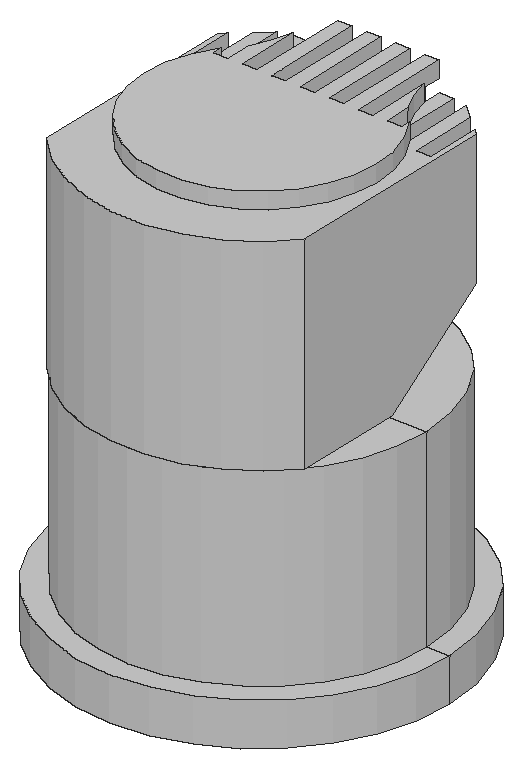
Revit family "LBLE1_SERIE IRON LEGO 01", category Luminarias, Revit 2019
Family settings
  Cota de conector redondo = Diámetro de uso
  Tipo de pieza = Normal
  Se basa en plano de trabajo = Sí
  Siempre vertical = Sí
  Corte con vacíos al cargar = No
  Origen de luz = Sí
  Compartido = No
  Punto de cálculo de habitación = No
Parameters (values of type "IRON LEGO 01_LBLE1 W7W24BCNY2RG")
  Ángulo de inclinación = 60.00°
  Ángulo de enfoque = 24.00°
  Ángulo de campo de foco = 24.00°
  Zone [instance] = ""
  Watt per fixture = 7
  Wattage = 7 W
  built-in parameter 1150107 = 3000 (stored number, unit not read)
  built-in parameter 1150110 = 1 (stored number, unit not read)
  built-in parameter 1150109 = 1 (stored number, unit not read)
  built-in parameter 1150112 = 1 (stored number, unit not read)
  built-in parameter 1150113 = 1 (stored number, unit not read)
  built-in parameter 1114218 = 1 (stored number, unit not read)
  Keynote = ""
  built-in parameter 1150137 = (empty or 0)
  built-in parameter 1150132 = (empty or 0)
  Modelo = "LBLE1 W7W24BCNY2RG"
  Lámpara = "Osram"
  Light Source Symbol Length = 3048 mm
  built-in parameter 1150105 = 6854 (stored number, unit not read)
  built-in parameter 1150102 = (empty or 0)
  built-in parameter 1150106 = 68.54 (stored number, unit not read)
  Lumens = 679.7 lm
  Color Filter = 16777215
  built-in parameter 1114217 = 1 (stored number, unit not read)
  built-in parameter 1150139 = (empty or 0)
  Fabricante = "BRILLANT"
  Default Elevation = 1219.2 mm
  built-in parameter 1150104 = 9.0209 (stored number, unit not read)
  Descripción = "LUMINARIA TIPO CIRCULAR CON UN CORTE EXTERNO DE 55MM DE DIAMETRO , PARA EMPOTRAR EN TECHO CON INSTALACION ESTANDAR CON 65MM DE DIAMETRO POR 75MM DE HOUSING, CUERPO Y ANILLO EN COLOR BLANCO , IP 20 USO PARA INTERIORES, CUENTA CON 1 LED TIPO OSRAM CON UNA POTENCIA TOTAL DE 7W, A UNA TEMPERATURA EN BLANCO CALIDO 3000K, IRC 90, APERTURA A 24 GRADOS, CON LENTE PARA UNA LUZ SUAVE, ALIMENTADA A 100-240V."
  built-in parameter 1150115 = 1 (stored number, unit not read)
  built-in parameter 1150114 = 1 (stored number, unit not read)
  Comentarios de vataje = "100-240V"
  built-in parameter 1150138 = (empty or 0)
  built-in parameter 1150134 = (empty or 0)
  Circuit [instance] = ""
  Dimming Lamp Color Temperature Shift = (empty or 0)
  Longitud de símbolo de origen de luz = 3048 mm
Reference planes
  plane 1 "Centro (Frontal/Posterior)": y = 0
  plane 2: z = 0
  plane 3 "Centro (Izquierda/Derecha)": x = 0
Forms (mm)
  Revolve 1, solid, material "Acero Inoxidable"
    sketch origin (0, 0, 0) x (1, 0, 0) y (0, 0, 1)
      loop
        line (-32.5, 3.721) -> (-32.5, -3.721) -> (-30.844, -3.721) -> (-15.873, 11.25) -> (0, 11.25) -> (0, 37.015) -> (-28.598, 37.015) -> (-28.598, 3.721) -> (-32.5, 3.721)
      axis (0, -3.721) -> (0, 37.015)
    angle from 0 to 360
  Extrusion 2, solid, material "Acero Inoxidable"
    sketch origin (0, 0, 0) x (1, 0, 0) y (0, 1, 0)
      loop
        arc (-22.205, -18.281) -> (0, -28.718) -> (22.205, -18.281) r 28.838
        line (22.205, -18.281) -> (22.205, 18.52) -> (15.569, 24.393) -> (-15.569, 24.393) -> (-22.205, 18.52) -> (-22.205, -18.281)
    from 37.015 to 72.467
  Extrusion 3, void
    sketch origin (0, -6.25, 0) x (1, 0, 0) y (0, 1, 0)
      loop
        line (-21.273, 41.327) -> (-21.273, 16.327) -> (-18.727, 16.327) -> (-18.727, 41.327) -> (-21.273, 41.327)
      loop
        line (-16.273, 41.327) -> (-16.273, 16.327) -> (-13.727, 16.327) -> (-13.727, 41.327) -> (-16.273, 41.327)
      loop
        line (-11.273, 41.327) -> (-11.273, 16.327) -> (-8.727, 16.327) -> (-8.727, 41.327) -> (-11.273, 41.327)
      loop
        line (-6.273, 41.327) -> (-6.273, 16.327) -> (-3.727, 16.327) -> (-3.727, 41.327) -> (-6.273, 41.327)
      loop
        line (-1.273, 41.327) -> (-1.273, 16.327) -> (1.273, 16.327) -> (1.273, 41.327) -> (-1.273, 41.327)
      loop
        line (21.273, 41.327) -> (18.727, 41.327) -> (18.727, 16.327) -> (21.273, 16.327) -> (21.273, 41.327)
      loop
        line (16.273, 41.327) -> (13.727, 41.327) -> (13.727, 16.327) -> (16.273, 16.327) -> (16.273, 41.327)
      loop
        line (11.273, 41.327) -> (8.727, 41.327) -> (8.727, 16.327) -> (11.273, 16.327) -> (11.273, 41.327)
      loop
        line (6.273, 41.327) -> (3.727, 41.327) -> (3.727, 16.327) -> (6.273, 16.327) -> (6.273, 41.327)
    from 65.724 to 84.533
  Extrusion 4, solid, material "Acero Inoxidable"
    sketch origin (0, 0, 0) x (1, 0, 0) y (0, 1, 0)
      loop
        arc (-13.727, 14.545) -> (0, -20) -> (13.727, 14.545) r 20
        arc (13.727, 14.545) -> (11.323, 20.79) -> (10.954, 27.471) r 21.499
        line (10.954, 27.471) -> (-10.954, 27.471)
        arc (-10.954, 27.471) -> (-11.323, 20.79) -> (-13.727, 14.545) r 21.499
    from 72.467 to 75.294
  Extrusion 5, void
    sketch origin (0, -10.625, -14.805) x (0, 1, 0) y (0, 0, 1)
      loop
        line (46.026, 75.747) -> (11.026, 51.82) -> (46.026, 51.82) -> (46.026, 75.747)
    from -37.804 to 37.804
  Extrusion 6, solid, material "Acero Inoxidable"
    sketch origin (0, 0, 0) x (1, 0, 0) y (0, 1, 0)
      loop
        line (-18.159, 10.13) -> (-18.159, 1.026) -> (18.159, 1.026) -> (18.159, 10.13)
        arc (18.159, 10.13) -> (0, 21.026) -> (-18.159, 10.13) r 20.581
    from 37.015 to 65.724
  Revolve 7, solid, material "Acero Inoxidable", not visible
    sketch origin (0, 0, 0) x (1, 0, 0) y (0, 0, 1)
      loop
        line (-53, 3.693) -> (-53, -3.75) -> (-51.344, -3.75) -> (-36.344, 11.25) -> (0, 11.25) -> (0, 51.82) -> (-49.098, 51.82) -> (-49.098, 3.693) -> (-53, 3.693)
      axis (0, -3.75) -> (0, 51.82)
    angle from 0 to 360
  Extrusion 8, solid, material "Acero Inoxidable", not visible
    sketch origin (0, 0, 0) x (1, 0, 0) y (0, 1, 0)
      loop
        arc (-37.804, -31.327) -> (0, -49.098) -> (37.804, -31.327) r 49.098
        line (37.804, -31.327) -> (37.804, 31.327) -> (26.507, 41.327) -> (-26.507, 41.327) -> (-37.804, 31.327) -> (-37.804, -31.327)
    from 51.82 to 108.492
  Extrusion 9, void, not visible
    sketch origin (0, 0, 0) x (1, 0, 0) y (0, 1, 0)
      loop
        line (-21.273, 41.327) -> (-21.273, 16.327) -> (-18.727, 16.327) -> (-18.727, 41.327) -> (-21.273, 41.327)
      loop
        line (-16.273, 41.327) -> (-16.273, 16.327) -> (-13.727, 16.327) -> (-13.727, 41.327) -> (-16.273, 41.327)
      loop
        line (-11.273, 41.327) -> (-11.273, 16.327) -> (-8.727, 16.327) -> (-8.727, 41.327) -> (-11.273, 41.327)
      loop
        line (-6.273, 41.327) -> (-6.273, 16.327) -> (-3.727, 16.327) -> (-3.727, 41.327) -> (-6.273, 41.327)
      loop
        line (-1.273, 41.327) -> (-1.273, 16.327) -> (1.273, 16.327) -> (1.273, 41.327) -> (-1.273, 41.327)
      loop
        line (21.273, 41.327) -> (18.727, 41.327) -> (18.727, 16.327) -> (21.273, 16.327) -> (21.273, 41.327)
      loop
        line (16.273, 41.327) -> (13.727, 41.327) -> (13.727, 16.327) -> (16.273, 16.327) -> (16.273, 41.327)
      loop
        line (11.273, 41.327) -> (8.727, 41.327) -> (8.727, 16.327) -> (11.273, 16.327) -> (11.273, 41.327)
      loop
        line (6.273, 41.327) -> (3.727, 41.327) -> (3.727, 16.327) -> (6.273, 16.327) -> (6.273, 41.327)
    from 51.82 to 114.316
  Extrusion 10, solid, material "Acero Inoxidable", not visible
    sketch origin (0, 0, 0) x (1, 0, 0) y (0, 1, 0)
      loop
        arc (-27.655, 25.776) -> (0, -37.804) -> (27.655, 25.776) r 37.804
        arc (27.655, 25.776) -> (24.503, 33.265) -> (23.488, 41.327) r 29.844
        line (23.488, 41.327) -> (-23.488, 41.327)
        arc (-23.488, 41.327) -> (-24.503, 33.265) -> (-27.655, 25.776) r 29.844
    from 108.492 to 114.316
  Extrusion 11, void, not visible
    sketch origin (0, 0, 0) x (0, 1, 0) y (0, 0, 1)
      loop
        line (46.026, 75.747) -> (1.026, 51.82) -> (46.026, 51.82) -> (46.026, 75.747)
    from -37.804 to 37.804
  Extrusion 12, solid, material "Acero Inoxidable", not visible
    sketch origin (0, 0, 0) x (1, 0, 0) y (0, 1, 0)
      loop
        line (-32.068, 17.104) -> (-32.068, 1.026) -> (32.068, 1.026) -> (32.068, 17.104)
        arc (32.068, 17.104) -> (0, 36.344) -> (-32.068, 17.104) r 36.344
    from 51.82 to 73.248
Cuts and joins
  Extrusion 3, Extrusion 5 cuts Revolve 1
  Extrusion 3, Extrusion 5 cuts Extrusion 2
  Extrusion 3, Extrusion 5 cuts Extrusion 4
  joined: Extrusion 2, Extrusion 4, Extrusion 6
Lines and regions (mm)
  model lines, not visible
    curve 1: circle (0, 0, 0) r 85 normal (0, -1, 0)
Dimensions and locks
  Revolve 1 sketch curve to Revolve 1 sketch curve = 32.5 mm
  Extrusion 4 to level = 75.294 mm
  Revolve 7 sketch curve to Revolve 7 sketch curve = 53 mm
  cut or joined group of Extrusion 2, Extrusion 3, Extrusion 4, Extrusion 5, Extrusion 6 to level = 75.294 mm
  diameter of cut or joined group of Revolve 1, Extrusion 3, Extrusion 5 = 65 mm
  aligned and locked: level to plane 2
Connectors
  electrical at (0, 16.259, 75.294)
    settings: on cut or joined group of Extrusion 2, Extrusion 3, Extrusion 4, Extrusion 5, Extrusion 6, index 1, voltage 240 V, apparent load 0 VA, apparent load phase1 0 VA, apparent load phase2 0 VA, apparent load phase3 0 VA, power factor 1, load classification "Otro", number of poles 1, system type 31, power factor state 1, is connector primary yes, connector utility no, sub classification motor no, connector description ""
